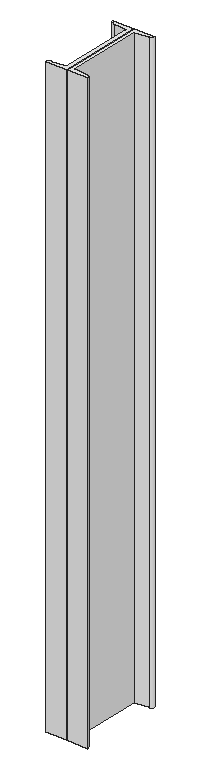
Revit family "Double C-Channel-Column", category 구조 기둥, Revit 2026
Family settings
  단면 모양 = 정의되지 않음
  모델 동작 재료 = 스틸
  항상 형상으로 내보내기 = 아니오
  평면의 보 전환 = 경계 상자에서
  로드될 때 보이드를 사용하여 절단 = 아니오
  기호 표현 = 프로젝트 설정에서
  공유 = 아니오
  평면도에서 미리 절단된 패밀리 표시 = 예
Parameters (values of type "2C380X74")
  Structural Material [instance] = Metal - Steel - 345 MPa
  Space = 0 mm
  A = 19000.00 mm²
  조합 코드 = "B10"
  W = 1.46
  bf = 94.4 mm
  d = 381 mm
  tf = 16.5 mm
  tw = 18.2 mm
Reference planes
  plane 1: y = 0
  plane 2: z = 0
  plane 3: x = 0
  plane 4: x = -94.4
  plane 5: x = 94.4
  plane 6: y = 190.5
  plane 7: y = -190.5
  plane 8: x = 0
  plane 9: x = 0
  plane 10: y = 174
  plane 11: y = -174
  plane 12: x = 18.2
  plane 13: x = -18.2
  plane 14: x = 77.9
  plane 15: x = -77.9
Forms (mm)
  Extrusion 1, solid, material "Metal - Steel - 345 MPa" <- "Structural Material", detail levels medium
    sketch origin (0, 0, 0) x (1, 0, 0) y (0, 1, 0)
      loop
        line (94.4, 190.5) -> (0, 190.5) -> (0, -190.5) -> (94.4, -190.5) -> (94.4, -174) -> (18.2, -161.931) -> (18.2, 161.931) -> (94.4, 174) -> (94.4, 190.5)
    from 0 to 2700
  Extrusion 2, solid, material "Metal - Steel - 345 MPa" <- "Structural Material", detail levels fine
    sketch origin (0, 0, 0) x (1, 0, 0) y (0, 1, 0)
      loop
        line (94.4, 190.5) -> (0, 190.5) -> (0, -190.5) -> (94.4, -190.5)
        arc (94.4, -190.5) -> (89.567, -178.833) -> (77.9, -174) r 16.5
        line (77.9, -174) -> (18.2, -164.544) -> (18.2, 164.544) -> (77.9, 174)
        arc (77.9, 174) -> (89.567, 178.833) -> (94.4, 190.5) r 16.5
    from 0 to 2700
  Extrusion 3, solid, material "Metal - Steel - 345 MPa" <- "Structural Material", detail levels medium
    sketch origin (0, 0, 0) x (-1, 0, 0) y (0, -1, 0)
      loop
        line (94.4, -190.5) -> (94.4, -174) -> (18.2, -161.931) -> (18.2, 161.931) -> (94.4, 174) -> (94.4, 190.5) -> (0, 190.5) -> (0, -190.5) -> (94.4, -190.5)
    from 0 to 2700
  Extrusion 4, solid, material "Metal - Steel - 345 MPa" <- "Structural Material", detail levels fine
    sketch origin (0, 0, 0) x (-1, 0, 0) y (0, -1, 0)
      loop
        arc (94.4, -190.5) -> (89.567, -178.833) -> (77.9, -174) r 16.5
        line (77.9, -174) -> (18.2, -164.544) -> (18.2, 164.544) -> (77.9, 174)
        arc (77.9, 174) -> (89.567, 178.833) -> (94.4, 190.5) r 16.5
        line (94.4, 190.5) -> (0, 190.5) -> (0, -190.5) -> (94.4, -190.5)
    from 0 to 2700
Lines and regions (mm)
  symbolic lines, style "StructuralColumnStickSymbols", detail levels coarse
    curve 1: line (0, 190.5, 0) -> (94.4, 190.5, 0)
    curve 2: line (0, -190.5, 0) -> (94.4, -190.5, 0)
    curve 3: line (0, 190.5, 0) -> (0, -190.5, 0)
    curve 6: line (0, 190.5, 0) -> (-94.4, 190.5, 0)
    curve 7: line (0, -190.5, 0) -> (-94.4, -190.5, 0)
    curve 8: line (0, 190.5, 0) -> (0, -190.5, 0)
  symbolic lines, style "Hidden Faces", detail levels medium+fine
    curve 4: line (-18.2, 0, 0) -> (-18.2, 0, 2700)
    curve 5: line (18.2, 0, 2700) -> (18.2, 0, 0)
Dimensions and locks
  equal spacing: plane 7, plane 1, plane 6
  "d": plane 7 to plane 6
  equal spacing: plane 8, plane 3, plane 9
  "Space": plane 8 to plane 9
  "bf": plane 9 to plane 5
  "bf": plane 4 to plane 8
  "tf": plane 6 to plane 10
  "tf": plane 7 to plane 11
  "tw": plane 9 to plane 12
  "tw": plane 8 to plane 13
  "tf": plane 14 to plane 5
  "tf": plane 15 to plane 4
  "tf": radius of Extrusion 2 sketch curve  (x2)
  "tf": radius of Extrusion 4 sketch curve  (x2)
  locked: plane 10 to Extrusion 1 sketch curve (angle 9.00°)
  locked: Extrusion 1 sketch curve to plane 11 (angle 9.00°)
  locked: Extrusion 2 sketch curve to plane 11 (angle 9.00°)
  angle plane 10 to Extrusion 2 sketch curve = 9.00°
  locked: Extrusion 3 sketch curve to plane 10 (angle 9.00°)
  locked: plane 11 to Extrusion 3 sketch curve (angle 9.00°)
  locked: Extrusion 4 sketch curve to plane 10 (angle 9.00°)
  locked: plane 11 to Extrusion 4 sketch curve (angle 9.00°)
  aligned and locked: level to plane 2
  aligned and locked: plane 9 to curve 2
  aligned and locked: plane 9 to curve 1
  aligned and locked: plane 5 to curve 2
  aligned and locked: plane 5 to curve 1
  aligned and locked: plane 6 to curve 1
  aligned and locked: curve 7 to plane 7
  aligned and locked: curve 6 to plane 6
  aligned and locked: plane 4 to curve 6
  aligned and locked: plane 4 to curve 7
  aligned and locked: plane 7 to curve 3
  aligned and locked: plane 8 to curve 7
  aligned and locked: plane 8 to curve 6
  aligned and locked: level to curve 5
  aligned and locked: level to curve 4
  aligned and locked: plane 12 to curve 5
  aligned and locked: plane 13 to curve 4
  aligned and locked: plane 6 to Extrusion 1 sketch curve
  aligned and locked: Extrusion 1 sketch curve to plane 9
  aligned and locked: Extrusion 1 sketch curve to plane 7
  aligned and locked: plane 12 to Extrusion 1 sketch curve
  aligned and locked: plane 5 to Extrusion 1 sketch curve  (x4)
  aligned and locked: plane 11 to Extrusion 1 sketch curve
  aligned and locked: Extrusion 2 sketch curve to plane 6
  aligned and locked: plane 9 to Extrusion 2 sketch curve
  aligned and locked: plane 7 to Extrusion 2 sketch curve
  aligned and locked: Extrusion 2 sketch curve to plane 12
  aligned and locked: plane 14 to Extrusion 2 sketch curve  (x4)
  aligned and locked: plane 11 to Extrusion 2 sketch curve
  aligned and locked: plane 10 to Extrusion 2 sketch curve
  aligned and locked: plane 7 to Extrusion 3 sketch curve
  aligned and locked: plane 8 to Extrusion 3 sketch curve
  aligned and locked: Extrusion 3 sketch curve to plane 6
  aligned and locked: plane 4 to Extrusion 3 sketch curve  (x2)
  aligned and locked: Extrusion 3 sketch curve to plane 13
  aligned and locked: Extrusion 4 sketch curve to plane 8
  aligned and locked: plane 6 to Extrusion 4 sketch curve  (x2)
  aligned and locked: plane 13 to Extrusion 4 sketch curve
  aligned and locked: Extrusion 4 sketch curve to plane 7
  aligned and locked: plane 7 to Extrusion 4 sketch curve
  aligned and locked: plane 15 to Extrusion 4 sketch curve  (x2)
  aligned and locked: level to Extrusion 2
  aligned and locked: level to Extrusion 4
  aligned and locked: level to Extrusion 1
  aligned and locked: level to Extrusion 3
  aligned and locked: Extrusion 1 to plane 2
  aligned and locked: Extrusion 3 to plane 2
  aligned and locked: Extrusion 2 to plane 2
  aligned and locked: Extrusion 4 to plane 2
Automatic sketch dimensions
  curve 5 to level = 0 mm
  curve 4 to level = 0 mm
  Extrusion 1 sketch curve to plane 10 = 0 mm
  Extrusion 3 sketch curve to plane 11 = 0 mm
  Extrusion 3 sketch curve to plane 10 = 0 mm
